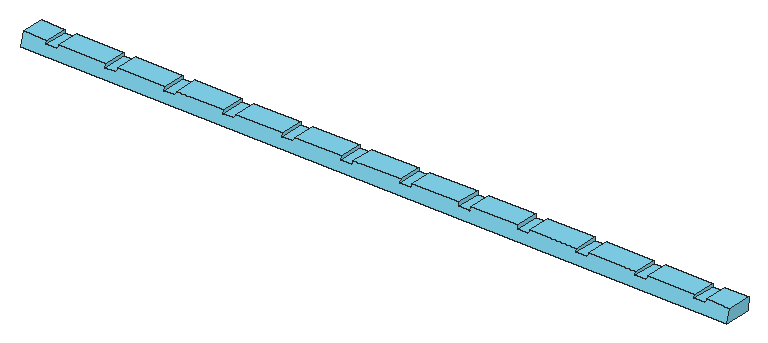
Revit family "CAVI VENT", category Generic Models, Revit 2024
Family settings
  Can host rebar = No
  Round Connector Dimension = Use Diameter
  Part Type = Normal
  Work Plane-Based = Yes
  Always vertical = No
  Cut with Voids When Loaded = No
  Maintain Annotation Orientation = No
  Shared = No
  Room Calculation Point = No
Parameters
  bottom depth = 15 mm
  a = 40 mm
  Width = 45 mm
  Trip width = (Length - 2 * a - 12 * Spacing) / 11  # 80 mm
  Spacing = 20 mm
  Length = 1200 mm
  Depth = 20 mm
  Default Elevation = 1219.2 mm
  Cavi vent = Cavi vent
Reference planes
  plane 1 "Center (Front/Back)": y = 0
  plane 2: z = 0
  plane 3 "Center (Left/Right)": x = 0
  plane 4: y = 22.5
  plane 5: y = -22.5
  plane 6: x = 600
  plane 7: z = 20
  plane 8: z = 15
  plane 9: x = -600
  plane 10: x = -40
  plane 11: x = 40
  plane 12: x = -540
  plane 13: x = -340
  plane 14: x = -240
  plane 15: x = -140
  plane 16: x = -440
  plane 17: x = 540
  plane 18: x = 340
  plane 19: x = 240
  plane 20: x = 140
  plane 21: x = 460
  plane 22: x = -560
  plane 23: x = -460
  plane 24: x = -360
  plane 25: x = -260
  plane 26: x = -160
  plane 27: x = 560
  plane 28: x = 440
  plane 29: x = 360
  plane 30: x = 260
  plane 31: x = 160
  plane 32: x = 60
  plane 33: x = -60
Forms (mm)
  Extrusion 1, solid, material "Cavi vent" <- "Cavi vent"
    sketch origin (0, 0, 0) x (1, 0, 0) y (0, 1, 0)
      loop
        line (-600, 22.5) -> (-600, -22.5) -> (600, -22.5) -> (600, 22.5) -> (-600, 22.5)
    from 0 to 15
  Extrusion 2, solid, material "Cavi vent" <- "Cavi vent"
    sketch origin (0, 0, 0) x (1, 0, 0) y (0, 1, 0)
      loop
        line (-600, 22.5) -> (-600, -22.5) -> (-560, -22.5) -> (-560, 22.5) -> (-600, 22.5)
      loop
        line (-540, 22.5) -> (-540, -22.5) -> (-460, -22.5) -> (-460, 22.5) -> (-540, 22.5)
      loop
        line (-440, 22.5) -> (-440, -22.5) -> (-360, -22.5) -> (-360, 22.5) -> (-440, 22.5)
      loop
        line (-340, 22.5) -> (-340, -22.5) -> (-260, -22.5) -> (-260, 22.5) -> (-340, 22.5)
      loop
        line (-240, 22.5) -> (-240, -22.5) -> (-160, -22.5) -> (-160, 22.5) -> (-240, 22.5)
      loop
        line (-140, 22.5) -> (-140, -22.5) -> (-60, -22.5) -> (-60, 22.5) -> (-140, 22.5)
      loop
        line (60, 22.5) -> (60, -22.5) -> (140, -22.5) -> (140, 22.5) -> (60, 22.5)
      loop
        line (160, 22.5) -> (160, -22.5) -> (240, -22.5) -> (240, 22.5) -> (160, 22.5)
      loop
        line (260, 22.5) -> (260, -22.5) -> (340, -22.5) -> (340, 22.5) -> (260, 22.5)
      loop
        line (360, 22.5) -> (360, -22.5) -> (440, -22.5) -> (440, 22.5) -> (360, 22.5)
      loop
        line (460, 22.5) -> (460, -22.5) -> (540, -22.5) -> (540, 22.5) -> (460, 22.5)
      loop
        line (560, 22.5) -> (560, -22.5) -> (600, -22.5) -> (600, 22.5) -> (560, 22.5)
      loop
        line (-40, 22.5) -> (-40, -22.5) -> (40, -22.5) -> (40, 22.5) -> (-40, 22.5)
    from 15 to 20
  Extrusion 3, void
    sketch origin (0, 0, 0) x (0, 1, 0) y (0, 0, 1)
      loop
        line (-22.5, 0) -> (-16.002, 20) -> (-22.5, 20) -> (-22.5, 0)
    from -600 to 600
Cuts and joins
  Extrusion 3 cuts Extrusion 1
  Extrusion 3 cuts Extrusion 2
  joined: Extrusion 1, Extrusion 2
Dimensions and locks
  equal spacing: plane 4, plane 1 "Center (Front/Back)", plane 5
  "Width": plane 4 to plane 5
  "Depth": plane 7 to plane 2
  "Length": plane 9 to plane 6
  "bottom depth": plane 8 to plane 2
  equal spacing: plane 9, plane 3 "Center (Left/Right)", plane 6
  equal spacing: plane 10, plane 3 "Center (Left/Right)", plane 11
  "a": plane 9 to plane 22
  "a": plane 27 to plane 6
  "Trip width": plane 10 to plane 11
  "Spacing": plane 33 to plane 10
  "Spacing": plane 26 to plane 15
  "Spacing": plane 25 to plane 14
  "Spacing": plane 24 to plane 13
  "Spacing": plane 23 to plane 16
  "Spacing": plane 22 to plane 12
  "Spacing": plane 11 to plane 32
  "Spacing": plane 20 to plane 31
  "Spacing": plane 19 to plane 30
  "Spacing": plane 18 to plane 29
  "Spacing": plane 28 to plane 21
  "Spacing": plane 17 to plane 27
  equal spacing: plane 22, plane 23, plane 24, plane 25, plane 26, plane 33
  equal spacing: plane 32, plane 31, plane 30, plane 29, plane 21, plane 27
  angle Extrusion 3 sketch curve to plane 2 = 72.00°
  aligned and locked: level to plane 2
  aligned and locked: Extrusion 1 sketch curve to plane 4
  aligned and locked: plane 9 to Extrusion 1 sketch curve
  aligned and locked: plane 5 to Extrusion 1 sketch curve
  aligned and locked: Extrusion 1 sketch curve to plane 6
  aligned and locked: Extrusion 1 to level
  aligned and locked: plane 8 to Extrusion 1
  aligned and locked: Extrusion 2 sketch curve to Extrusion 1  (x3)
  aligned and locked: plane 5 to Extrusion 2 sketch curve  (x13)
  aligned and locked: Extrusion 2 sketch curve to plane 22
  aligned and locked: Extrusion 2 sketch curve to plane 4  (x11)
  aligned and locked: plane 12 to Extrusion 2 sketch curve
  aligned and locked: Extrusion 2 sketch curve to plane 23
  aligned and locked: plane 16 to Extrusion 2 sketch curve
  aligned and locked: Extrusion 2 sketch curve to plane 24
  aligned and locked: plane 13 to Extrusion 2 sketch curve
  aligned and locked: Extrusion 2 sketch curve to plane 25
  aligned and locked: plane 14 to Extrusion 2 sketch curve
  aligned and locked: Extrusion 2 sketch curve to plane 26
  aligned and locked: plane 15 to Extrusion 2 sketch curve
  aligned and locked: plane 20 to Extrusion 2 sketch curve
  aligned and locked: Extrusion 2 sketch curve to plane 31
  aligned and locked: plane 19 to Extrusion 2 sketch curve
  aligned and locked: Extrusion 2 sketch curve to plane 30
  aligned and locked: plane 18 to Extrusion 2 sketch curve
  aligned and locked: Extrusion 2 sketch curve to plane 29
  aligned and locked: plane 28 to Extrusion 2 sketch curve
  aligned and locked: Extrusion 2 sketch curve to plane 21
  aligned and locked: plane 17 to Extrusion 2 sketch curve
  aligned and locked: Extrusion 2 sketch curve to plane 27
  aligned and locked: plane 7 to Extrusion 2
  aligned and locked: Extrusion 2 to plane 8
  aligned and locked: plane 5 to Extrusion 3 sketch curve
  aligned and locked: plane 7 to Extrusion 3 sketch curve
  aligned and locked: plane 6 to Extrusion 3
  aligned and locked: Extrusion 3 to plane 9
  aligned and locked: plane 32 to Extrusion 2 sketch curve
  aligned and locked: Extrusion 2 sketch curve to plane 33
  aligned and locked: Extrusion 2 sketch curve to plane 11
Automatic sketch dimensions
  Extrusion 3 sketch curve to level = 0 mm
  Extrusion 2 sketch curve to plane 10 = 0 mm
  Extrusion 2 sketch curve to plane 4 = 0 mm
